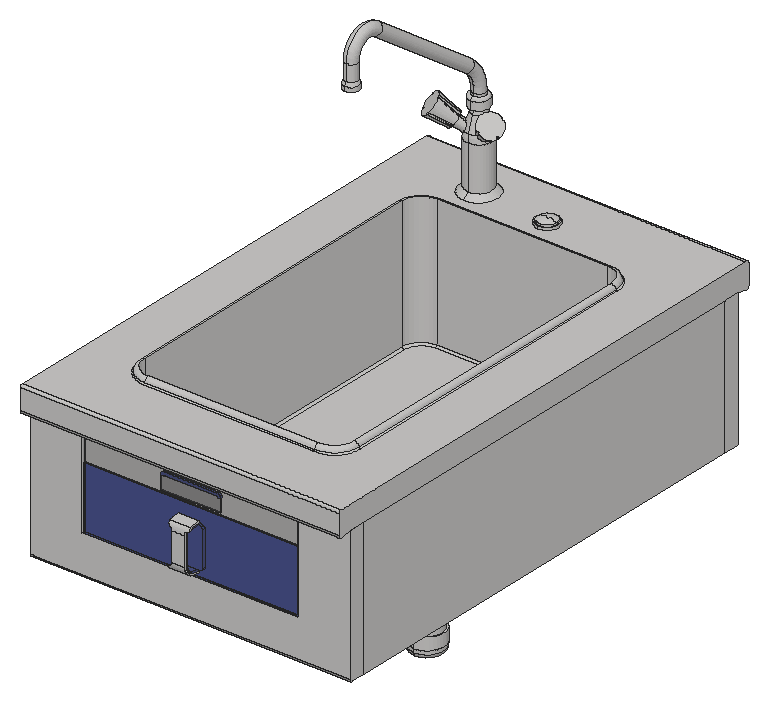
Revit family "QF_ELECTROLUXPROFESSIONAL_588400_MABFAAEOAO", category Specialty Equipment, Revit 2018
Family settings
  Round Connector Dimension = Use Diameter
  Part Type = Normal
  Work Plane-Based = No
  Always vertical = Yes
  Cut with Voids When Loaded = No
  Shared = No
  Room Calculation Point = No
Parameters
  Weight in Pounds = 33.0693
  Watts = 1500 VA  # 1500 W
  Waste Water Discharge Temperature [instance] = -459.67 °F
  Volts = 400 V  # constant formula
  URL Cutsheet = ""
  Type Mark [instance] = ""
  Status [instance] = ""
  Specification by User [instance] = ""
  Specification by Manufacturer = ""
  Small Baine = yes
  Serial Number = ""
  Seismic Rating = ""
  SMACNA No = ""
  Revision Code [instance] = ""
  Plumbing Remarks [instance] = ""
  Plumbing Connection Type [instance] = ""
  Phase = 3  # constant formula
  Omniclass Number and Title = ""
  Number of Poles [instance] = 1
  NAFEM Spec ID Number = ""
  Model = "588400"
  Min Ckt Ampacity = 0 A
  Max Overcurrent Protection = 0 A
  Masterspec = ""
  Manufacturer = "ELECTROLUX"
  Item Number [instance] = ""
  Installed By [instance] = ""
  Indirect Waste Size = 1"
  Indirect Waste Flow [instance] = 0 GPM
  Indirect Waste Connection Type [instance] = ""
  Indirect Waste Connection Height = 0 mm
  Identify Quantity as Lot [instance] = yes
  Hot Water Temperature = -459.67 °F
  Hot Water Size = 3/4"
  Hot Water RI Height [instance] = 0 mm
  Hot Water Minimum Pressure = 0.00 psi
  Hot Water Maximum Pressure = 0.00 psi
  Hot Water Flow [instance] = 0 GPM
  Hot Water Consumption = 0 GPM
  Hot Water Connection Height = 0 mm
  HP = "2 HP"
  Furnished By [instance] = ""
  Foodservice Equipment Identifier [instance] = yes
  FL Amps [instance] = if(Phase = 3, Watts / (Volts * 1.73), Watts / Volts)  # 2.16763 A
  Electrical Remarks = "400 V/3N ph/50/60 Hz"  # constant formula
  Electric Connection Type [instance] = ""
  Elec Conn RI Height [instance] = 0 mm
  Elec Conn Connection Height [instance] = 0 mm
  Direct Waste Size = 1"
  Description = "EL.BAINMARIE,1/1GN,TAP(L),1S,500X800X250"
  Cycle [instance] = if([60 Hertz Option], 60 Hz, 50 Hz)  # 60 Hz
  Conn Plug = ""
  Conn Conduit = yes
  Cold Water Temperature Recommended [instance] = 0 °F
  Cold Water Size = 3/4"
  Cold Water RI Height [instance] = 0 mm
  Cold Water Minimum Pressure = 0.00 psi
  Cold Water Maximum Pressure = 0.00 psi
  Cold Water Flow [instance] = 0 GPM
  Cold Water Consumption = ""
  Cold Water Connection Height = 0 mm
  CSI MasterFormat = ""
  CSI Master Format = ""
  Back Panel [instance] = yes
  Apparent Power [instance] = if(Phase = 3, Volts * FL Amps * 1.73, Volts * FL Amps)  # 1500 VA
  60 Hertz Option [instance] = not([50 Hertz Option])  # yes
  50 Hertz Option [instance] = no
Reference planes
  plane 1 "BACK": y = 0
  plane 2: z = 0
  plane 3 "LEFT": x = 0
  plane 4 "RIGHT": x = 500
  plane 5 "FRONT": y = -800
  plane 6 "TOP": z = 250
  plane 7: x = 250
  plane 8: y = -400
  plane 9: z = 582.185
  plane 10: x = 465
  plane 11: y = -94
  plane 12: y = -81
  plane 13: y = -585
Forms (mm)
  Extrusion 1, solid, material "QF_Finishes_Stainless Steel"
    sketch origin (0, -487.128, 0) x (0, 1, 0) y (0, 0, 1)
      loop
        line (483.128, 250) -> (-308.872, 250)
        arc (-308.872, 250) -> (-311.7, 248.828) -> (-312.872, 246) r 4
        line (-312.872, 246) -> (-312.872, 214)
        arc (-312.872, 214) -> (-311.443, 210.936) -> (-308.177, 210.061) r 4
        line (-308.177, 210.061) -> (-291.509, 213) -> (465.765, 213) -> (482.433, 210.061)
        arc (482.433, 210.061) -> (485.699, 210.936) -> (487.128, 214) r 4
        line (487.128, 214) -> (487.128, 246)
        arc (487.128, 246) -> (485.956, 248.828) -> (483.128, 250) r 4
    from 0 to 500
  Extrusion 2, void
    sketch origin (0, -4, 250) x (1, 0, 0) y (0, -1, 0)
      loop
        line (423.051, 156.931) -> (423.051, 660.069)
        arc (423.051, 660.069) -> (411.335, 688.354) -> (383.051, 700.069) r 40
        line (383.051, 700.069) -> (116.931, 700.069)
        arc (116.931, 700.069) -> (88.646, 688.354) -> (76.931, 660.069) r 40
        line (76.931, 660.069) -> (76.931, 156.931)
        arc (76.931, 156.931) -> (88.646, 128.647) -> (116.931, 116.931) r 40
        line (116.931, 116.931) -> (383.051, 116.931)
        arc (383.051, 116.931) -> (411.335, 128.647) -> (423.051, 156.931) r 40
    from 0 to 40
  Extrusion 3, solid, material "QF_Finishes_Stainless Steel"
    sketch origin (-178.969, -4572, 0) x (-1, 0, 0) y (0, -1, 0)
      loop
        line (-178.969, -4526) -> (-178.969, -3818) -> (-678.969, -3818) -> (-678.969, -4526) -> (-178.969, -4526)
      loop
        line (-204.369, -4500.6) -> (-204.369, -3843.4) -> (-653.569, -3843.4) -> (-653.569, -4500.6) -> (-204.369, -4500.6)
    from 0 to 213
  Extrusion 4, solid, material "QF_Finishes_Stainless Steel"
    sketch origin (-178.969, -4572, 0) x (-1, 0, 0) y (0, -1, 0)
      loop
        line (-204.369, -4500.6) -> (-204.369, -3843.4) -> (-653.569, -3843.4) -> (-653.569, -4500.6) -> (-204.369, -4500.6)
    from 0 to 10
  Extrusion 5, solid, material "QF_Finishes_Stainless Steel", visible <- "Back Panel"
    sketch origin (0, 0, 0) x (0, 1, 0) y (0, 0, 1)
      loop
        line (-46, 0) -> (-23, 0)
        arc (-23, 0) -> (-20.879, 0.879) -> (-20, 3) r 3
        line (-20, 3) -> (-20, 213) -> (-46, 213) -> (-46, 0)
    from 0 to 500
  Extrusion 6, solid, material "QF_Finishes_Stainless Steel"
    sketch origin (-50, 25, 0) x (1, 0, 0) y (0, 1, 0)
      loop
        circle (300, -685) r 12.7
    from 0 to 12.5
  Extrusion 7, solid, material "QF_Finishes_Stainless Steel"
    sketch origin (-50, 39.803, 250) x (0, -1, 0) y (1, 0, 0)
      loop
        circle (120.803, 300) r 17.578
    from 0 to 3.2
  Revolve 8, solid, material "QF_Finishes_Stainless Steel"
    sketch origin (0, -81, 2.262) x (1, 0, 0) y (0, 0, 1)
      loop
        line (250, 250.938) -> (250, 256.608)
        arc (250, 256.608) -> (242.261, 255.697) -> (235, 252.868) r 30.732
        line (235, 252.868) -> (235, 250.938) -> (250, 250.938)
      axis (250, 250.938) -> (250, 256.608)
    angle from 0 to 360
  Revolve 9, solid, material "QF_Finishes_Stainless Steel"
    sketch origin (465, 1382.872, -192.047) x (0, 1, 0) y (0, 0, 1)
      loop
        line (-1937.861, 186.547) -> (-1937.861, 192.047) -> (-1967.861, 192.047) -> (-1967.861, 141.547) -> (-1947.861, 141.547)
        arc (-1947.861, 141.547) -> (-1943.618, 143.305) -> (-1941.861, 147.547) r 6
        line (-1941.861, 147.547) -> (-1941.361, 153.547) -> (-1941.361, 172.547) -> (-1944.361, 172.547) -> (-1944.361, 186.547) -> (-1937.861, 186.547)
      axis (-1967.872, 141.547) -> (-1967.872, 192.047)
    angle from 0 to 360
  Revolve 10, solid, material "QF_Finishes_Black"
    sketch origin (135.954, -54.517, -46.552) x (0, 1, 0) y (0, 0, 1)
      loop
        arc (-25.958, 192.99) -> (-25.178, 193.771) -> (-25.958, 194.552) r 0.781
        line (-25.958, 194.552) -> (-27.459, 194.552) -> (-27.459, 179.552) -> (-29.958, 179.552) -> (-29.958, 177.38) -> (-28.404, 177.38) -> (-27.456, 177.547) -> (-26.894, 178.11) -> (-25.907, 178.11) -> (-25.907, 180.54)
        arc (-25.907, 180.54) -> (-25.128, 181.318) -> (-25.907, 182.097) r 0.779
        arc (-25.907, 182.097) -> (-25.128, 182.875) -> (-25.907, 183.654) r 0.779
        arc (-25.907, 183.654) -> (-25.128, 184.433) -> (-25.907, 185.211) r 0.779
        arc (-25.907, 185.211) -> (-25.128, 185.99) -> (-25.907, 186.768) r 0.779
        arc (-25.907, 186.768) -> (-25.128, 187.547) -> (-25.907, 188.326) r 0.779
        arc (-25.907, 188.326) -> (-25.128, 189.104) -> (-25.907, 189.883) r 0.779
        arc (-25.907, 189.883) -> (-25.128, 190.661) -> (-25.907, 191.44) r 0.779
        arc (-25.907, 191.44) -> (-25.128, 192.219) -> (-25.907, 192.997) r 0.779
      axis (-39.483, 194.552) -> (-39.483, 177.38)
    angle from 0 to 360
  Sweep 11, solid, material "QF_Finishes_Stainless Steel"
    path origin (-178.969, -4572, 0) x (-1, 0, 0) y (0, -1, 0)
      loop
        line (-255.899, -4411.069) -> (-255.899, -3907.931)
        arc (-255.899, -3907.931) -> (-267.615, -3879.646) -> (-295.899, -3867.931) r 40
        line (-295.899, -3867.931) -> (-562.02, -3867.931)
        arc (-562.02, -3867.931) -> (-590.304, -3879.646) -> (-602.02, -3907.931) r 40
        line (-602.02, -3907.931) -> (-602.02, -4411.069)
        arc (-602.02, -4411.069) -> (-590.304, -4439.353) -> (-562.02, -4451.069) r 40
        line (-562.02, -4451.069) -> (-295.899, -4451.069)
        arc (-295.899, -4451.069) -> (-267.615, -4439.353) -> (-255.899, -4411.069) r 40
    profile origin (76.931, -412.5, 0) x (1, 0, 0) y (0, 0, 1)
      loop
        arc (9.05, 258) -> (4.345, 256.153) -> (1.961, 251.697) r 7.314
        arc (1.961, 251.697) -> (1.3, 250.48) -> (0, 250) r 1.969
        line (0, 250) -> (8.05, 250) -> (8.05, 54)
        arc (8.05, 54) -> (9.221, 51.172) -> (12.05, 50) r 4
        line (12.05, 50) -> (12.05, 51)
        arc (12.05, 51) -> (9.928, 51.879) -> (9.05, 54) r 3
        line (9.05, 54) -> (9.05, 258)
  Extrusion 12, solid, material "QF_Finishes_Stainless Steel"
    sketch origin (-178.969, -4572, 0) x (-1, 0, 0) y (0, -1, 0)
      loop
        arc (-267.949, -3907.931) -> (-276.135, -3888.167) -> (-295.899, -3879.98) r 27.95
        line (-295.899, -3879.98) -> (-562.02, -3879.98)
        arc (-562.02, -3879.98) -> (-581.784, -3888.167) -> (-589.97, -3907.931) r 27.95
        line (-589.97, -3907.931) -> (-589.97, -4411.069)
        arc (-589.97, -4411.069) -> (-581.784, -4430.833) -> (-562.02, -4439.02) r 27.95
        line (-562.02, -4439.02) -> (-295.899, -4439.02)
        arc (-295.899, -4439.02) -> (-276.135, -4430.833) -> (-267.949, -4411.069) r 27.95
        line (-267.949, -4411.069) -> (-267.949, -3907.931)
    from 50 to 51
Cuts and joins
  Extrusion 2 cuts Extrusion 1
  joined: Extrusion 3, Extrusion 4
  joined: Sweep 11, Extrusion 12
Lines and regions (mm)
  symbolic lines
    curve 1: line (0, 0, 0) -> (500, 0, 0)
    curve 2: line (0, -800, 0) -> (0, 0, 0)
    curve 3: line (500, -800, 0) -> (0, -800, 0)
    curve 4: line (500, 0, 0) -> (500, -800, 0)
    curve 5: circle (250, -659.789, 0) r 14.885 normal (0, 0, 1)
    curve 6: circle (250, -81, 0) r 15 normal (0, 0, 1)
    curve 7: circle (250, -81, 0) r 17.578 normal (0, 0, 1)
    curve 8: line (85.98, -664.069, 0) -> (85.98, -160.931, 0)
    curve 9: arc (85.98, -664.069, 0) -> (95.045, -685.955, 0) -> (116.931, -695.02, 0) r 30.95
    curve 10: line (383.051, -695.02, 0) -> (116.931, -695.02, 0)
    curve 11: line (116.931, -704.069, 0) -> (383.051, -704.069, 0)
    curve 12: arc (76.931, -664.069, 0) -> (88.646, -692.354, 0) -> (116.931, -704.069, 0) r 40
    curve 13: line (76.931, -160.931, 0) -> (76.931, -664.069, 0)
    curve 14: arc (383.051, -695.02, 0) -> (404.936, -685.955, 0) -> (414.001, -664.069, 0) r 30.95
    curve 15: arc (423.051, -664.069, 0) -> (411.335, -692.354, 0) -> (383.051, -704.069, 0) r 40
    curve 16: line (423.051, -664.069, 0) -> (423.051, -160.931, 0)
    curve 17: line (414.001, -160.931, 0) -> (414.001, -664.069, 0)
    curve 18: arc (414.001, -160.931, 0) -> (404.936, -139.046, 0) -> (383.051, -129.98, 0) r 30.95
    curve 19: arc (383.051, -120.931, 0) -> (411.335, -132.647, 0) -> (423.051, -160.931, 0) r 40
    curve 20: arc (116.931, -129.98, 0) -> (95.045, -139.046, 0) -> (85.98, -160.931, 0) r 30.95
    curve 21: arc (76.931, -160.931, 0) -> (88.646, -132.647, 0) -> (116.931, -120.931, 0) r 40
    curve 22: line (116.931, -120.931, 0) -> (125.475, -120.931, 0)
    curve 23: line (383.051, -129.98, 0) -> (144.525, -129.98, 0)
    curve 24: line (125.475, -129.98, 0) -> (116.931, -129.98, 0)
    curve 25: line (144.525, -120.931, 0) -> (169.674, -120.931, 0)
    curve 26: line (179.697, -120.931, 0) -> (383.051, -120.931, 0)
Dimensions and locks
  plane 3 "LEFT" to plane 4 "RIGHT" = 500 mm
  plane 5 "FRONT" to plane 1 "BACK" = 800 mm
  equal spacing: plane 3 "LEFT", plane 7, plane 4 "RIGHT"
  equal spacing: plane 5 "FRONT", plane 8, plane 1 "BACK"
  plane 6 "TOP" to level = 250 mm  (x2)
  plane 1 "BACK" to plane 5 "FRONT" = 800 mm
  Extrusion 6 sketch curve to plane 1 "BACK" = 660 mm
  Extrusion 6 sketch curve to plane 4 "RIGHT" = 250 mm
  Revolve 10 to level = 148 mm
  plane 4 "RIGHT" to plane 10 = 35 mm
  plane 1 "BACK" to plane 11 = 94 mm
  plane 5 "FRONT" to nested 2 = 729 mm
  plane 12 to plane 5 "FRONT" = 719 mm
  plane 1 "BACK" to plane 13 = 585 mm
  plane 3 "LEFT" to nested 2 = 135 mm
  aligned and locked: level to plane 2
Automatic sketch dimensions
  Extrusion 1 sketch curve to plane 5 "FRONT" = 0 mm
  Extrusion 1 sketch curve to plane 6 "TOP" = 0 mm
  Extrusion 1 sketch curve to plane 1 "BACK" = 0 mm
  Extrusion 1 sketch curve to plane 6 "TOP" = 37 mm
  Extrusion 1 sketch curve to plane 5 "FRONT" = 4 mm  (x2)
  Extrusion 1 sketch curve to plane 5 "FRONT" = 21.363 mm
  plane 1 "BACK" to Extrusion 1 sketch curve = 21.363 mm
  plane 1 "BACK" to Extrusion 1 sketch curve = 4 mm
  Extrusion 1 sketch curve to Extrusion 1 sketch curve = 0.695 mm
  Extrusion 1 sketch curve to Extrusion 1 sketch curve = 0 mm  (x4)
  plane 1 "BACK" to Extrusion 1 sketch curve = 4.695 mm
  Extrusion 1 sketch curve to Extrusion 1 sketch curve = 4 mm
  Extrusion 1 sketch curve to Extrusion 1 sketch curve = 1 mm  (x2)
  Extrusion 3 sketch curve to plane 4 "RIGHT" = 0 mm
  Extrusion 3 sketch curve to plane 3 "LEFT" = 0 mm
  plane 1 "BACK" to Extrusion 3 sketch curve = 46 mm
  plane 4 "RIGHT" to Extrusion 3 sketch curve = 25.4 mm
  plane 3 "LEFT" to Extrusion 3 sketch curve = 25.4 mm
  Extrusion 3 sketch curve to Extrusion 3 sketch curve = 25.4 mm  (x2)
  Extrusion 3 sketch curve to plane 5 "FRONT" = 71.4 mm
  plane 4 "RIGHT" to Extrusion 4 sketch curve = 25.4 mm
  plane 1 "BACK" to Extrusion 4 sketch curve = 71.4 mm
  plane 3 "LEFT" to Extrusion 4 sketch curve = 25.4 mm
  Extrusion 4 sketch curve to plane 5 "FRONT" = 71.4 mm
  plane 1 "BACK" to Revolve 9 sketch curve = 584.989 mm
  Revolve 9 sketch curve to plane 6 "TOP" = 300.5 mm
  Revolve 9 sketch curve to Revolve 9 sketch curve = 20 mm
  Revolve 9 sketch curve to Revolve 9 sketch curve = 3.5 mm
  Revolve 9 sketch curve to Revolve 9 sketch curve = 6 mm  (x2)
  Revolve 9 sketch curve to Revolve 9 sketch curve = 3 mm
  Revolve 9 sketch curve to Revolve 9 sketch curve = 6.5 mm
  plane 1 "BACK" to Revolve 9 sketch curve = 585 mm
  Revolve 9 sketch curve to Revolve 9 sketch curve = 19 mm
  Revolve 9 sketch curve to Revolve 9 sketch curve = 14 mm
  Revolve 9 sketch curve to Revolve 9 sketch curve = 5.5 mm
  Revolve 9 sketch curve to Revolve 9 sketch curve = 6.734 mm
  Revolve 9 sketch curve to plane 6 "TOP" = 222.234 mm
  level to Revolve 10 sketch curve = 130.828 mm
  Revolve 10 sketch curve to Revolve 10 sketch curve = 1.554 mm
  Revolve 10 sketch curve to Revolve 10 sketch curve = 2.499 mm
  Revolve 10 sketch curve to Revolve 10 sketch curve = 0.948 mm
  Revolve 10 sketch curve to Revolve 10 sketch curve = 0.562 mm  (x2)
  Revolve 10 sketch curve to Revolve 10 sketch curve = 1.5 mm
  Revolve 10 sketch curve to Revolve 10 sketch curve = 0.987 mm  (x2)
  Revolve 10 sketch curve to Revolve 10 sketch curve = 0 mm  (x12)
  Revolve 10 sketch curve to Revolve 10 sketch curve = 0.052 mm  (x2)
  Revolve 10 sketch curve to Revolve 10 sketch curve = 0.167 mm
  Revolve 10 sketch curve to Revolve 10 sketch curve = 2.172 mm
  Revolve 10 sketch curve to Revolve 10 sketch curve = 14.013 mm
  Revolve 10 sketch curve to Revolve 10 sketch curve = 0.779 mm  (x8)
  Revolve 10 sketch curve to Revolve 10 sketch curve = 0.007 mm
  Revolve 10 sketch curve to Revolve 10 sketch curve = 0.878 mm
  Revolve 10 sketch curve to Revolve 10 sketch curve = 1.95 mm
  plane 1 "BACK" to Revolve 10 sketch curve = 84.475 mm
  Revolve 10 sketch curve to Revolve 10 sketch curve = 9.525 mm
  Extrusion 5 sketch curve to level = 0 mm
  level to Extrusion 5 sketch curve = 3 mm
  Extrusion 5 sketch curve to Extrusion 5 sketch curve = 23 mm
  plane 1 "BACK" to Extrusion 5 sketch curve = 20 mm
  Extrusion 5 sketch curve to plane 6 "TOP" = 37 mm
  Extrusion 1 to Extrusion 7 sketch curve = 77 mm
  Extrusion 1 to Extrusion 7 sketch curve = 250 mm
  Revolve 8 sketch curve to plane 7 = 0 mm  (x2)
  plane 6 "TOP" to Revolve 8 sketch curve = 3.2 mm
  plane 6 "TOP" to Revolve 8 sketch curve = 5.13 mm
  Revolve 8 sketch curve to plane 7 = 15 mm
  Revolve 8 sketch curve to plane 7 = 0.304 mm
  Revolve 8 sketch curve to Revolve 8 sketch curve = 5.67 mm
  Revolve 8 sketch curve to plane 6 "TOP" = 2.738 mm
  Revolve 8 sketch curve to Revolve 8 sketch curve = 6.568 mm
  Extrusion 1 to Extrusion 2 sketch curve = 76.931 mm
  Extrusion 1 to Extrusion 2 sketch curve = 91.931 mm
  Extrusion 2 sketch curve to Extrusion 2 sketch curve = 40 mm  (x3)
  Extrusion 1 to Extrusion 2 sketch curve = 116.949 mm  (x2)
  Extrusion 1 to Extrusion 2 sketch curve = 156.931 mm
  Sweep 11 sketch curve to plane 10 = 41.949 mm
  plane 11 to Sweep 11 sketch curve = 26.931 mm
  Sweep 11 sketch curve to Sweep 11 sketch curve = 40 mm  (x3)
  plane 3 "LEFT" to Sweep 11 sketch curve = 116.931 mm  (x2)
  Sweep 11 sketch curve to plane 5 "FRONT" = 135.931 mm
  Sweep 11 sketch curve to Sweep 11 sketch curve = 0 mm  (x3)
  profile plane to Sweep 11 sketch curve = 0 mm
  Sweep 11 sketch curve to profile plane = 12.05 mm
  profile plane to Sweep 11 sketch curve = 50 mm
  Sweep 11 sketch curve to Sweep 11 sketch curve = 4 mm
  Sweep 11 sketch curve to Sweep 11 sketch curve = 1 mm
  Sweep 11 sketch curve to profile plane = 0.011 mm
  Sweep 11 sketch curve to profile plane = 1.961 mm
  Sweep 11 sketch curve to Sweep 11 sketch curve = 1.156 mm
  Sweep 11 sketch curve to Sweep 11 sketch curve = 196 mm
  Sweep 11 sketch curve to Sweep 11 sketch curve = 8 mm
  Extrusion 12 sketch curve to plane 10 = 53.999 mm
  plane 11 to Extrusion 12 sketch curve = 38.98 mm
  Extrusion 12 sketch curve to Extrusion 12 sketch curve = 27.95 mm  (x3)
  plane 3 "LEFT" to Extrusion 12 sketch curve = 116.931 mm  (x2)
  Extrusion 12 sketch curve to plane 5 "FRONT" = 135.931 mm
  curve 6 to curve 7 = 0 mm  (x2)
  curve 9 to curve 12 = 0 mm  (x2)
  curve 14 to curve 15 = 0 mm  (x2)
  curve 18 to curve 19 = 0 mm  (x2)
  curve 20 to curve 21 = 0 mm  (x2)
  plane 1 "BACK" to curve 1 = 0 mm
  curve 1 to plane 4 "RIGHT" = 0 mm
  curve 1 to plane 3 "LEFT" = 0 mm
  plane 5 "FRONT" to curve 3 = 0 mm
  curve 7 to plane 7 = 0 mm
  curve 5 to plane 7 = 0 mm
  curve 16 to plane 10 = 41.949 mm
  curve 15 to curve 17 = 9.05 mm
  curve 17 to curve 23 = 30.95 mm
  curve 17 to curve 11 = 30.95 mm
  plane 3 "LEFT" to curve 11 = 116.931 mm
  plane 11 to curve 22 = 26.931 mm
  plane 3 "LEFT" to curve 22 = 116.931 mm
  curve 9 to curve 8 = 30.95 mm
  plane 11 to curve 26 = 26.931 mm
  curve 26 to curve 21 = 62.767 mm
  curve 26 to curve 25 = 10.023 mm
  curve 25 to curve 25 = 25.149 mm
  curve 23 to curve 25 = 0 mm
  curve 22 to curve 21 = 8.544 mm
  curve 24 to curve 20 = 8.544 mm
  curve 8 to plane 8 = 264.069 mm
  curve 7 to plane 11 = 13 mm
  curve 25 to curve 23 = 9.05 mm
  curve 5 to curve 14 = 4.28 mm
  radius of Extrusion 6 sketch curve = 12.7 mm
  radius of Extrusion 7 sketch curve = 17.578 mm
  radius of curve 5 = 14.885 mm
  radius of curve 6 = 15 mm
  radius of curve 7 = 17.578 mm
Nested families
  nested 1: "EB_800_500_Front Panel" at (202.376, -754, -650), type "EB_800_500_Front Panel"
  nested 2: "Thermaline Faucet" at (135, -71, 0), type "Thermaline Faucet"
Connectors
  piping at (250, -660, 0), diameter 25.4
    settings: on Extrusion 6, index 3, connector inside diameter 1", connector length 0 mm, flow factor 0, pipe flow 0 GPM, pressure drop 0.00 psi, fitting loss kfactor 0, connector angle 0.00°, fixture units 0, engagement length 0 mm, angle of deflection 0.00°, flow configuration 1, flow direction 2, fitting loss method 0, system type 16, joint type 0, gender type 0, connector reference index -1, connector utility 0, adjustable connector no, is connector primary yes, connector description "DRAIN"
  electrical at (465, -585, 0), driven by "Volts", driven by "Watts"
    settings: on Revolve 9, index 4, voltage 400 V, apparent load 1500 VA, apparent load phase1 0 VA, apparent load phase2 0 VA, apparent load phase3 0 VA, power factor 1, load classification "Other", number of poles 1, system type 30, power factor state 1, is connector primary yes, connector utility no, sub classification motor no, connector description "ELECTRICAL CONNECTION"
  piping at (135.954, -94, 130.828), diameter 19
    settings: on Revolve 10, index 5, connector inside diameter 0.74803", connector length 0 mm, flow factor 0, pipe flow 0 GPM, pressure drop 0.00 psi, fitting loss kfactor 0, connector angle 0.00°, fixture units 0, engagement length 0 mm, angle of deflection 0.00°, flow configuration 1, flow direction 1, fitting loss method 0, system type 20, joint type 0, gender type 0, connector reference index -1, connector utility 0, adjustable connector no, is connector primary no, connector description "COLD WATER INLET"
  piping at (135.954, -94, 130.828), diameter 19
    settings: on Revolve 10, index 6, connector inside diameter 0.74803", connector length 0 mm, flow factor 0, pipe flow 0 GPM, pressure drop 0.00 psi, fitting loss kfactor 0, connector angle 0.00°, fixture units 0, engagement length 0 mm, angle of deflection 0.00°, flow configuration 1, flow direction 1, fitting loss method 0, system type 19, joint type 0, gender type 0, connector reference index -1, connector utility 0, adjustable connector no, is connector primary no, connector description "HOT WATER INLET"
Definition of nested family "EB_800_500_Front Panel"
  Reference planes
    plane 1 "Center (Front/Back)": y = 0
    plane 2: z = 0
    plane 3 "Center (Left/Right)": x = 47.624
    plane 4: x = -202.376
    plane 5: x = 297.624
    plane 6: y = -45
  Forms (mm)
    Extrusion 1, solid
      sketch origin (833.217, 829.203, -1.25) x (0, 1, 0) y (0, 0, 1)
        loop
          arc (-854.203, 654.25) -> (-853.324, 652.129) -> (-851.203, 651.25) r 3
          line (-851.203, 651.25) -> (-829.203, 651.25) -> (-829.203, 864.25) -> (-854.203, 864.25) -> (-854.203, 654.25)
      from -1035.593 to -535.593
    Extrusion 2, void
      sketch origin (33.217, 829.203, -1.25) x (1, 0, 0) y (0, 0, 1)
        loop
          line (-155.593, 855.116) -> (-155.593, 713.116) -> (184.407, 713.116) -> (184.407, 855.116) -> (-155.593, 855.116)
      from 848.59 to 854.203
  Cuts and joins
    Extrusion 2 cuts Extrusion 1
  Dimensions and locks
    equal spacing: plane 5, plane 3 "Center (Left/Right)", plane 4
    plane 5 to plane 4 = 500 mm
    aligned and locked: cut or joined group of Extrusion 1, Extrusion 2 to plane 4
    aligned and locked: plane 5 to cut or joined group of Extrusion 1, Extrusion 2
    aligned and locked: plane 3 "Center (Left/Right)" to nested 2
    aligned and locked: cut or joined group of Extrusion 1, Extrusion 2 to nested 2
    aligned and locked: plane 3 "Center (Left/Right)" to nested 1
  Automatic sketch dimensions
    Extrusion 1 sketch curve to plane 1 "Center (Front/Back)" = 0 mm
    plane 1 "Center (Front/Back)" to Extrusion 1 sketch curve = 22 mm
    Extrusion 1 sketch curve to Extrusion 1 sketch curve = 3 mm
    level to Extrusion 1 sketch curve = 650 mm
    Extrusion 1 sketch curve to Extrusion 1 sketch curve = 210 mm
    plane 4 to Extrusion 2 sketch curve = 80 mm
    Extrusion 2 sketch curve to plane 5 = 80 mm
    level to Extrusion 2 sketch curve = 711.866 mm
    Extrusion 2 sketch curve to Extrusion 2 sketch curve = 142 mm
  Nested families
    nested 1: "Range Control Handle" at (47.624, -28.137, -209.113) x (-1, 0, 0) z (0, 0, 1), type "Range Control Handle"
    nested 2: "glass conrol panel" at (47.624, 280.644, 2.752), type "glass conrol panel"
  Definition of nested family "Range Control Handle"
    Reference planes
      plane 1 "Center (Front/Back)": y = 0
      plane 2: z = 0
      plane 3 "Center (Left/Right)": x = 0
      plane 4: z = 971.092
      plane 5: y = -16.9
    Forms (mm)
      Extrusion 1, solid
        sketch origin (-746.28, 380.497, 208.931) x (-1, 0, 0) y (0, 0, 1)
          loop
            line (-770.101, 786.798) -> (-770.101, 731.649)
            arc (-770.101, 731.649) -> (-769.759, 730.563) -> (-768.855, 729.87) r 1.893
            line (-768.855, 729.87) -> (-763.474, 727.911) -> (-729.81, 727.911) -> (-724.428, 729.87)
            arc (-724.428, 729.87) -> (-723.525, 730.563) -> (-723.183, 731.649) r 1.893
            line (-723.183, 731.649) -> (-723.183, 786.798)
            arc (-723.183, 786.798) -> (-723.529, 787.894) -> (-724.44, 788.593) r 1.91
            line (-724.44, 788.593) -> (-729.683, 790.819) -> (-763.601, 790.819) -> (-768.844, 788.593)
            arc (-768.844, 788.593) -> (-769.755, 787.894) -> (-770.101, 786.798) r 1.91
        from -382.35 to -378.852
      Sweep 2, solid
        path origin (-746.788, 380.496, 208.091) x (0, -1, 0) y (0, 0, 1)
          loop
            line (379.775, 793.281) -> (395.661, 791.048)
            arc (395.661, 791.048) -> (397.781, 787.377) -> (398.517, 783.202) r 12.207
            line (398.517, 783.202) -> (398.517, 737.368)
            arc (398.517, 737.368) -> (397.781, 733.193) -> (395.661, 729.522) r 12.207
            line (395.661, 729.522) -> (379.775, 727.289)
        profile origin (-746.788, -7.222, 1000.256) x (0, -0.139173, 0.990268) y (-1, 0, 0)
          loop
            line (0.782, -763.123) -> (0.782, -730.907) -> (-1.322, -730.907) -> (-1.322, -763.123) -> (0.782, -763.123)
      Sweep 3, solid
        path origin (-746.788, 380.715, 207.832) x (0, -1, 0) y (0, 0, 1)
          loop
            line (380.478, 795.442) -> (397.218, 793.09)
            arc (397.218, 793.09) -> (399.929, 788.473) -> (400.871, 783.202) r 15.207
            line (400.871, 783.202) -> (400.871, 737.584)
            arc (400.871, 737.584) -> (399.914, 732.274) -> (397.164, 727.633) r 15.207
            line (397.164, 727.633) -> (380.601, 725.305)
        profile origin (-746.788, -8.132, 1002.099) x (0, -0.139173, 0.990268) y (-1, 0, 0)
          loop
            line (0.782, -763.123) -> (0.782, -730.907) -> (-1.322, -730.907) -> (-1.322, -763.123) -> (0.782, -763.123)
      Extrusion 4, void
        sketch origin (889.253, 220.666, 207.993) x (1, 0, 0) y (0, 0, 1)
          loop
            line (-943.038, 816.854) -> (-943.038, 703.686) -> (-899.466, 734.196) -> (-899.466, 786.344) -> (-943.038, 816.854)
        from 230.636 to 242.25
      Extrusion 5, void
        sketch origin (-888.8, 220.666, 207.993) x (-1, 0, 0) y (0, 0, -1)
          loop
            line (-943.038, -816.854) -> (-899.466, -786.344) -> (-899.466, -734.196) -> (-943.038, -703.686) -> (-943.038, -816.854)
        from 230.636 to 242.25
      Extrusion 6, solid
        sketch origin (0, 0, 0) x (1, 0, 0) y (0, 0, 1)
          loop
            circle (0, 971.092) r 7.736
        from -3.137 to -1.645
    Cuts and joins
      Extrusion 4, Extrusion 5 cuts Sweep 3
      Extrusion 4, Extrusion 5 cuts Sweep 2
      joined: Extrusion 1, Extrusion 6
    Lines and regions (mm)
      symbolic lines
        curve 1: line (16.334, -16.9, 0) -> (16.334, -19.227, 0)
        curve 2: spline (16.334, -19.227, 0) -> (15.87, -19.385, 0) -> (15.404, -19.536, 0) -> (14.936, -19.678, 0) -> (14.466, -19.813, 0) -> (13.995, -19.94, 0) -> (13.523, -20.059, 0) -> (13.049, -20.171, 0) -> (12.575, -20.274, 0) -> (12.099, -20.37, 0) -> (11.622, -20.458, 0) -> (11.144, -20.537, 0) -> (10.666, -20.609, 0)
        curve 3: line (10.666, -16.9, 0) -> (10.666, -20.938, 0)
        curve 4: line (-10.213, -20.938, 0) -> (10.666, -20.938, 0)
        curve 5: line (-10.213, -20.938, 0) -> (-10.213, -16.9, 0)
        curve 6: spline (-10.213, -20.609, 0) -> (-10.691, -20.537, 0) -> (-11.169, -20.458, 0) -> (-11.646, -20.37, 0) -> (-12.122, -20.274, 0) -> (-12.597, -20.171, 0) -> (-13.07, -20.059, 0) -> (-13.542, -19.94, 0) -> (-14.013, -19.813, 0) -> (-14.483, -19.678, 0) -> (-14.951, -19.536, 0) -> (-15.417, -19.385, 0) -> (-15.881, -19.227, 0)
        curve 7: line (-15.881, -19.227, 0) -> (-15.881, -16.9, 0)
  Definition of nested family "glass conrol panel"
    Reference planes
      plane 1 "Center (Front/Back)": y = 0
      plane 2: z = 0
      plane 3 "Center (Left/Right)": x = 0
    Forms (mm)
      Extrusion 1, solid
        sketch origin (396.291, 0, 0.617) x (1, 0, 0) y (0, 0, 1)
          loop
            line (-566.291, 806.791) -> (-566.291, 708.497) -> (-226.291, 708.497) -> (-226.291, 806.791) -> (-566.291, 806.791)
        from 300.031 to 304.8
      Extrusion 2, solid
        sketch origin (396.291, 0, 0.617) x (1, 0, 0) y (0, 0, 1)
          loop
            line (-566.291, 850.497) -> (-566.291, 806.791) -> (-226.291, 806.791) -> (-226.291, 850.497) -> (-566.291, 850.497)
        from 300.031 to 304.8
      Extrusion 3, void
        sketch origin (396.291, 0, 0.617) x (1, 0, 0) y (0, 0, 1)
          loop
            line (-563.291, 847.565) -> (-563.291, 710.699) -> (-229.291, 710.699) -> (-229.291, 847.565) -> (-563.291, 847.565)
        from 303.697 to 304.8
      Extrusion 4, solid
        sketch origin (-308.309, 1.101, -0.633) x (-1, 0, 0) y (0, 0, -1)
          loop
            line (-261.431, -812.62) -> (-355.186, -812.62) -> (-355.186, -834.177) -> (-350.269, -834.177) -> (-348.469, -835.977) -> (-268.039, -835.977) -> (-266.24, -834.177) -> (-261.431, -834.177) -> (-261.431, -812.62)
        from 304.798 to 306.745
      Extrusion 5, solid
        sketch origin (-308.309, 1.101, -0.633) x (-1, 0, 0) y (0, 0, -1)
          loop
            line (-350.269, -834.177) -> (-355.078, -834.177)
            arc (-355.078, -834.177) -> (-353.942, -838.747) -> (-349.686, -840.763) r 5.5
            line (-349.686, -840.763) -> (-266.98, -840.763)
            arc (-266.98, -840.763) -> (-262.706, -838.752) -> (-261.529, -834.177) r 5.549
            line (-261.529, -834.177) -> (-266.24, -834.177) -> (-268.039, -835.977) -> (-348.469, -835.977) -> (-350.269, -834.177)
        from 304.798 to 306.745
    Cuts and joins
      Extrusion 3 cuts Extrusion 1
      Extrusion 3 cuts Extrusion 2
    Dimensions and locks
      aligned and locked: Extrusion 1 to Extrusion 2
      aligned and locked: Extrusion 5 sketch curve to Extrusion 4  (x5)
      aligned and locked: Extrusion 5 to Extrusion 4
Definition of nested family "Thermaline Faucet"
  Reference planes
    plane 1 "Center (Front/Back)": y = 0
    plane 2: z = 0
    plane 3 "Center (Left/Right)": x = 0
  Forms (mm)
    Revolve 1, solid
      sketch origin (0, 110, 0) x (0, 1, 0) y (0, 0, 1)
        loop
          line (-110, 250) -> (-80.897, 250) -> (-89.277, 258.38) -> (-89.277, 326.173)
          arc (-89.277, 326.173) -> (-89.737, 332.364) -> (-91.107, 338.419) r 41.887
          line (-91.107, 338.419) -> (-98.513, 362.642)
          arc (-98.513, 362.642) -> (-99.453, 366.971) -> (-99.667, 371.396) r 26.78
          line (-99.667, 371.396) -> (-94.537, 371.396) -> (-94.537, 383.339)
          arc (-94.537, 383.339) -> (-95.799, 386.384) -> (-98.844, 387.646) r 4.307
          line (-98.844, 387.646) -> (-110, 387.646) -> (-110, 250)
        axis (-110, 387.646) -> (-110, 250)
      angle from 0 to 360
    Sweep 2, solid
      path origin (-70, 110, 0) x (0, 1, 0) y (0, 0, 1)
        loop
          line (-110, 387.646) -> (-110, 391.879)
          arc (-110, 391.879) -> (-115.995, 416.848) -> (-132.672, 436.375) r 55
          line (-132.672, 436.375) -> (-312.366, 566.931)
          arc (-312.366, 566.931) -> (-343.62, 569.39) -> (-360, 542.66) r 30
          line (-360, 542.66) -> (-360, 517.854)
      profile origin (-70, 0, 389.762) x (0, -1, 0) y (1, 0, 0)
        loop
          circle (0, 70) r 9.525
    Revolve 3, solid
      sketch origin (0, 104.787, 374.993) x (0, 1, 0) y (0, 0, 1)
        loop
          line (-354.787, 136.51) -> (-354.787, 142.86) -> (-364.312, 142.86) -> (-366.717, 136.51) -> (-366.717, 130.16) -> (-354.787, 130.16) -> (-354.787, 136.51)
        axis (-354.787, 130.16) -> (-354.787, 142.86)
      angle from 0 to 360
    Blend 4, solid
      base sketch origin (79.461, -905.497, 152.805) x (0.692474, 0.046138, 0.719966) y (0.40024, -0.854864, -0.330174)
        loop
          arc (109.326, -848.459) -> (98.651, -853.462) -> (93.381, -864.007) r 17.953
          arc (93.381, -864.007) -> (95.845, -865.98) -> (93.297, -867.845) r 1.988
          arc (93.297, -867.845) -> (98.373, -878.893) -> (109.326, -884.172) r 17.953
          arc (109.326, -884.172) -> (111.185, -882.313) -> (113.044, -884.172) r 1.859
          arc (113.044, -884.172) -> (123.997, -878.893) -> (129.073, -867.845) r 17.953
          arc (129.073, -867.845) -> (127.548, -865.958) -> (128.989, -864.007) r 1.984
          arc (128.989, -864.007) -> (123.762, -853.504) -> (113.164, -848.472) r 17.953
          arc (113.164, -848.472) -> (111.239, -850.043) -> (109.326, -848.459) r 1.956
      top sketch origin (79.461, -905.497, 152.805) x (0.692474, 0.046138, 0.719966) y (0.40024, -0.854864, -0.330174)
        loop
          arc (109.326, -853.371) -> (102.264, -856.945) -> (98.69, -864.007) r 12.7
          arc (98.69, -864.007) -> (100.609, -865.926) -> (98.69, -867.845) r 1.919
          arc (98.69, -867.845) -> (102.264, -874.906) -> (109.326, -878.48) r 12.7
          arc (109.326, -878.48) -> (111.245, -876.561) -> (113.164, -878.48) r 1.919
          arc (113.164, -878.48) -> (120.225, -874.906) -> (123.799, -867.845) r 12.7
          arc (123.799, -867.845) -> (121.88, -865.926) -> (123.799, -864.007) r 1.919
          arc (123.799, -864.007) -> (120.225, -856.945) -> (113.164, -853.371) r 12.7
          arc (113.164, -853.371) -> (111.245, -854.791) -> (109.326, -853.371) r 2.007
      from 239.294 to 275.758
    Extrusion 5, solid
      sketch origin (244.982, -762.986, -15.528) x (0.692474, 0.046138, 0.719966) y (0.40024, -0.854864, -0.330174)
        loop
          circle (111.245, -865.926) r 8.197
      from 0 to 21.835
    Blend 6, solid
      base sketch origin (-79.461, -905.497, 152.805) x (-0.692474, 0.046138, 0.719966) y (0.40024, 0.854864, 0.330174)
        loop
          arc (109.326, 848.459) -> (111.239, 850.043) -> (113.164, 848.472) r 1.956
          arc (113.164, 848.472) -> (123.762, 853.504) -> (128.989, 864.007) r 17.953
          arc (128.989, 864.007) -> (127.548, 865.958) -> (129.073, 867.845) r 1.984
          arc (129.073, 867.845) -> (123.997, 878.893) -> (113.044, 884.172) r 17.953
          arc (113.044, 884.172) -> (111.185, 882.313) -> (109.326, 884.172) r 1.859
          arc (109.326, 884.172) -> (98.373, 878.893) -> (93.297, 867.845) r 17.953
          arc (93.297, 867.845) -> (95.845, 865.98) -> (93.381, 864.007) r 1.988
          arc (93.381, 864.007) -> (98.651, 853.462) -> (109.326, 848.459) r 17.953
      top sketch origin (-79.461, -905.497, 152.805) x (-0.692474, 0.046138, 0.719966) y (0.40024, 0.854864, 0.330174)
        loop
          arc (109.326, 853.371) -> (111.245, 854.791) -> (113.164, 853.371) r 2.007
          arc (113.164, 853.371) -> (120.225, 856.945) -> (123.799, 864.007) r 12.7
          arc (123.799, 864.007) -> (121.88, 865.926) -> (123.799, 867.845) r 1.919
          arc (123.799, 867.845) -> (120.225, 874.906) -> (113.164, 878.48) r 12.7
          arc (113.164, 878.48) -> (111.245, 876.561) -> (109.326, 878.48) r 1.919
          arc (109.326, 878.48) -> (102.264, 874.906) -> (98.69, 867.845) r 12.7
          arc (98.69, 867.845) -> (100.609, 865.926) -> (98.69, 864.007) r 1.919
          arc (98.69, 864.007) -> (102.264, 856.945) -> (109.326, 853.371) r 12.7
      from 239.294 to 275.758
    Extrusion 7, solid
      sketch origin (-244.982, -762.986, -15.528) x (-0.692474, 0.046138, 0.719966) y (0.40024, 0.854864, 0.330174)
        loop
          circle (111.245, 865.926) r 8.197
      from 0 to 21.835
  Cuts and joins
    joined: Revolve 1, Extrusion 5, Extrusion 7
  Lines and regions (mm)
    symbolic lines
      curve 1: line (-9.525, 0, 0) -> (-9.525, -250, 0)
      curve 2: line (9.525, 0, 0) -> (9.525, -250, 0)
      curve 3: arc (-9.525, -250, 0) -> (0, -259.525, 0) -> (9.525, -250, 0) r 9.525
      curve 4: arc (-9.525, -242.817, 0) -> (0, -261.93, 0) -> (9.525, -242.817, 0) r 11.93
      curve 5: arc (-9.525, 0, 0) -> (0, 9.525, 0) -> (9.525, 0, 0) r 9.525
      curve 6: arc (9.525, -12.181, 0) -> (0, 15.463, 0) -> (-9.525, -12.181, 0) r 15.463
      curve 7: arc (9.525, -27.5, 0) -> (12.082, -26.477, 0) -> (14.531, -25.216, 0) r 29.103
      curve 8: arc (-14.531, -25.216, 0) -> (-12.082, -26.477, 0) -> (-9.525, -27.5, 0) r 29.103
      curve 9: arc (28.284, -6.858, 0) -> (0, 29.103, 0) -> (-28.284, -6.858, 0) r 29.103
      curve 10: arc (9.525, -18.405, 0) -> (0, 20.723, 0) -> (-9.525, -18.405, 0) r 20.723
      curve 11: line (-14.012, -24.575, 0) -> (-34.324, -49.658, 0)
      curve 12: line (-32.144, -6.442, 0) -> (-58.383, -20.986, 0)
      curve 13: spline (-58.383, -20.986, 0) -> (-60.104, -23.263, 0) -> (-60.887, -26.361, 0) -> (-60.681, -30.07, 0) -> (-59.498, -34.136, 0) -> (-57.419, -38.284, 0) -> (-54.586, -42.23, 0) -> (-51.192, -45.705, 0) -> (-47.468, -48.472, 0) -> (-43.669, -50.344, 0) -> (-40.052, -51.191, 0) -> (-36.865, -50.958, 0) -> (-34.324, -49.658, 0) -> (-32.603, -47.382, 0) -> (-31.82, -44.284, 0) -> (-32.026, -40.575, 0) -> (-33.21, -36.508, 0) -> (-35.288, -32.36, 0) -> (-38.121, -28.415, 0) -> (-41.515, -24.94, 0) -> (-45.239, -22.172, 0) -> (-49.039, -20.301, 0) -> (-52.655, -19.453, 0) -> (-55.842, -19.687, 0) -> (-58.383, -20.986, 0)
      curve 14: line (-25.398, -7.744, 0) -> (-20.415, -3.562, 0)
      curve 15: line (-14.519, -20.314, 0) -> (-11.467, -17.262, 0)
      curve 16: line (14.012, -24.575, 0) -> (34.324, -49.658, 0)
      curve 17: spline (58.383, -20.986, 0) -> (60.104, -23.263, 0) -> (60.887, -26.361, 0) -> (60.681, -30.07, 0) -> (59.498, -34.136, 0) -> (57.419, -38.284, 0) -> (54.586, -42.23, 0) -> (51.192, -45.705, 0) -> (47.468, -48.472, 0) -> (43.669, -50.344, 0) -> (40.052, -51.191, 0) -> (36.865, -50.958, 0) -> (34.324, -49.658, 0) -> (32.603, -47.382, 0) -> (31.82, -44.284, 0) -> (32.026, -40.575, 0) -> (33.21, -36.508, 0) -> (35.288, -32.36, 0) -> (38.121, -28.415, 0) -> (41.515, -24.94, 0) -> (45.239, -22.172, 0) -> (49.039, -20.301, 0) -> (52.655, -19.453, 0) -> (55.842, -19.687, 0) -> (58.383, -20.986, 0)
      curve 18: line (25.398, -7.744, 0) -> (20.415, -3.562, 0)
      curve 19: line (14.519, -20.314, 0) -> (11.467, -17.262, 0)
      curve 20: arc (-32.144, -6.442, 0) -> (-19.323, -11.753, 0) -> (-14.012, -24.575, 0) r 18.133
      curve 21: line (32.144, -6.442, 0) -> (58.383, -20.986, 0)
      curve 22: arc (32.144, -6.442, 0) -> (19.323, -11.753, 0) -> (14.012, -24.575, 0) r 18.133
